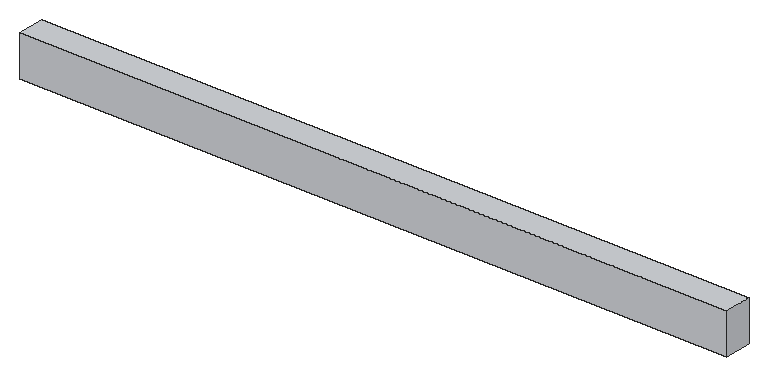
Revit family "Batten 45x70", category Generic Models, Revit 2020
Family settings
  Can host rebar = No
  Round Connector Dimension = Use Diameter
  Part Type = Normal
  Cut with Voids When Loaded = No
  Shared = No
  Room Calculation Point = No
Parameters
  built-in parameter 1001306 [instance] = 1200 mm
  Default Elevation = 0 mm
Reference planes
  plane 1 "Center (Front/Back)": y = 0
  plane 2: z = 0
  plane 3 "Left": x = 0
  plane 4 "Right": x = 1200
Forms (mm)
  Extrusion 1, solid
    sketch origin (0, 22.5, 0) x (1, 0, 0) y (0, 1, 0)
      loop
        line (0, 0) -> (0, -45) -> (1200, -45) -> (1200, 0) -> (0, 0)
    from 0 to 70
Lines and regions (mm)
  reference lines
    curve 1: line (0, 0, 0) -> (1200, 0, 0)
Dimensions and locks
  "built-in parameter 1001306": plane 3 "Left" to plane 4 "Right"
  aligned and locked: plane 4 "Right" to curve 1
  aligned and locked: plane 1 "Center (Front/Back)" to curve 1
  aligned and locked: plane 3 "Left" to curve 1
  aligned and locked: level to plane 2
Automatic sketch dimensions
  Extrusion 1 sketch curve to plane 3 "Left" = 0 mm
  Extrusion 1 sketch curve to plane 4 "Right" = 0 mm
  Extrusion 1 sketch curve to plane 1 "Center (Front/Back)" = 22.5 mm
  plane 1 "Center (Front/Back)" to Extrusion 1 sketch curve = 22.5 mm
